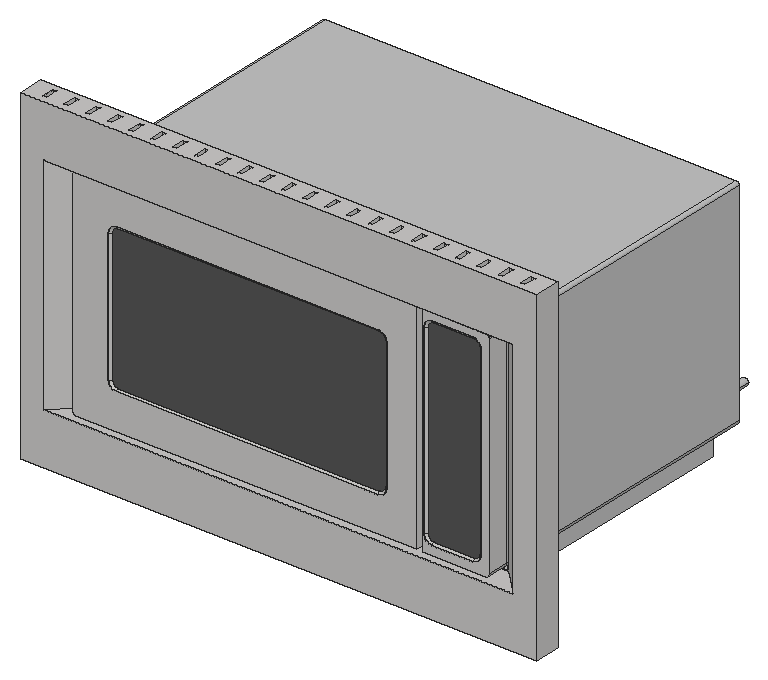
Revit family "FP_Revit_18_MO-24SS-3Y_Microwave_w_30in_Trimkit_90000929A", category Specialty Equipment, Revit 2018
Family settings
  Round Connector Dimension = Use Diameter
  Part Type = Normal
  OmniClass Number = 23.40.40.14.17.31
  OmniClass Title = Small Specialized Cooking Equipment
  Work Plane-Based = No
  Always vertical = Yes
  Cut with Voids When Loaded = Yes
  Shared = No
  Room Calculation Point = No
Parameters
  Visibility - Clearance Required = yes
  URL = "www.fisherpaykel.com"
  Product - Width = 754 mm
  Product - Height = 479 mm
  Product - Depth = 490 mm
  Model = "MO-24SS-3Y + MOTTK-30SS"
  Material - Glass = Fisher & Paykel - Glass, Black
  Material - Front = Fisher & Paykel - Stainless Steel
  Material - Body = Fisher & Paykel - Grey
  Manufacturer = "Fisher & Paykel Appliances"
  FFL Offset [instance] = 860 mm
  Description = "MO-24SS-3Y Microwave + MOTTK-30SS Trimkit"
  Connector Description - Electrical = "120 V, 60 Hz, 15 A"
  Chassis - Width = 629 mm
  Chassis - Height = 395 mm
  Chassis - Depth = 452 mm
  Cavity - Width = 629 mm
  Cavity - Height = 432 mm
  Cavity - Depth = 508 mm
Reference planes
  plane 1 "Datum": y = 0
  plane 2: z = 0
  plane 3 "Center (Left/Right)": x = 0
  plane 4 "FFL Offset": z = 860
  plane 5 "Product - Depth": y = 452
  plane 6 "Cavity - Depth": y = 508
Forms (mm)
  Extrusion 1, void
    sketch origin (0, 0, 0) x (0, 1, 0) y (0, 0, 1)
      loop
        line (0, 1291.987) -> (0, 859.987) -> (508, 859.987) -> (508, 1291.987) -> (0, 1291.987)
    from -314.5 to 314.5
Text (mm)
  text "Due to ongoing product development, product details are subject to change without notice. \nPlease always refer to www.fisherpaykel.com for the most current product information. \n© Fisher & Paykel 2020" at (39.334, -111.952, 0), in view "Ref. Level (Plan)"
Dimensions and locks
  "FFL Offset": plane 4 "FFL Offset" to level
  "Cavity - Depth": plane 6 "Cavity - Depth" to plane 1 "Datum"
  "Chassis - Depth": plane 1 "Datum" to plane 5 "Product - Depth"
  "Cavity - Width": Extrusion 1 to Extrusion 1
  equal spacing: Extrusion 1, plane 3 "Center (Left/Right)", Extrusion 1
  nested 2 to nested 2 = 754 mm
  nested 1 to plane 5 "Product - Depth" = 485 mm
  locked: nested 1 to plane 4 "FFL Offset" at 59.145
  aligned and locked: level to plane 2
  aligned and locked: plane 1 "Datum" to nested 2
  aligned and locked: nested 2 to plane 4 "FFL Offset"
  aligned and locked: plane 6 "Cavity - Depth" to nested 2
  aligned and locked: Extrusion 1 sketch curve to nested 2  (x4)
Nested families
  nested 1: "FP_Revit_18_MO-24SS-3Y_Microwave_90000929A" at (0, -33, 888.62), type "FP_Revit_18_MO-24SS-3Y_Microwave_90000929A"
    with FFL Offset 8.3 mm
  nested 2: "FP_Revit_18_MOTTK-30SS_Trimkit_90001191A" at (0, 0, 860), type "FP_Revit_18_MOTTK-30SS_Trimkit_90001191A"
    with FFL Offset 0 mm
Connectors
  electrical at (289.33, 452, 957.16), driven by "Connector Description - Electrical"
    settings: on nested 1, index 3, voltage 120 V, apparent load 0 VA, apparent load phase1 0 VA, apparent load phase2 0 VA, apparent load phase3 0 VA, power factor 1, load classification "Other", number of poles 1, system type 30, power factor state 1, is connector primary yes, connector utility no, sub classification motor no, connector description "120 V, 60 Hz, 15 A"
Definition of nested family "FP_Revit_18_MO-24SS-3Y_Microwave_90000929A"
  Parameters (values of type "FP_Revit_18_MO-24SS-3Y_Microwave_90000929A")
    Visibility - Clearance Required = yes
    URL = "www.fisherpaykel.com"
    Product - Width = 609 mm  # constant formula
    Product - Height = 340 mm  # constant formula
    Product - Depth = 485 mm  # constant formula
    Model = "MO-24SS-3Y"
    Material - Glass = none
    Material - Front = none
    Material - Body = none
    Manufacturer = "Fisher & Paykel Appliances"
    FFL Offset [instance] = 860 mm
    Description = "24\" Microwave"
    Connector Note - Electrical = "120 V, 60 Hz, 15 A"
  Reference planes
    plane 1 "Datum": y = 0
    plane 2: z = 0
    plane 3 "Center (Left/Right)": x = 0
    plane 4 "Top": z = 1200
    plane 5 "Product LHS": x = -304.5
    plane 6 "Product RHS": x = 304.5
    plane 7 "Product - Depth": y = 485
    plane 8 "FFL Offset": z = 860
    plane 9 "Base": z = 882.225
  Forms (mm)
    Extrusion 1, solid, material <- "Material - Front"
      sketch origin (0, 0, 0) x (1, 0, 0) y (0, 0, 1)
        loop
          arc (-299.5, 1200) -> (-303.036, 1198.536) -> (-304.5, 1195) r 5
          line (-304.5, 1195) -> (-304.5, 887.225)
          arc (-304.5, 887.225) -> (-303.036, 883.689) -> (-299.5, 882.225) r 5
          line (-299.5, 882.225) -> (299.5, 882.225)
          arc (299.5, 882.225) -> (303.036, 883.689) -> (304.5, 887.225) r 5
          line (304.5, 887.225) -> (304.5, 1195)
          arc (304.5, 1195) -> (303.036, 1198.536) -> (299.5, 1200) r 5
          line (299.5, 1200) -> (-299.5, 1200)
        loop
          arc (-240.72, 1149.623) -> (-249.205, 1146.109) -> (-252.72, 1137.623) r 12
          line (-252.72, 1137.623) -> (-252.72, 945.723)
          arc (-252.72, 945.723) -> (-249.205, 937.238) -> (-240.72, 933.723) r 12
          line (-240.72, 933.723) -> (141.68, 933.723)
          arc (141.68, 933.723) -> (150.165, 937.238) -> (153.68, 945.723) r 12
          line (153.68, 945.723) -> (153.68, 1137.623)
          arc (153.68, 1137.623) -> (150.165, 1146.109) -> (141.68, 1149.623) r 12
          line (141.68, 1149.623) -> (-240.72, 1149.623)
        loop
          arc (220.29, 1188.422) -> (211.805, 1184.907) -> (208.29, 1176.422) r 12
          line (208.29, 1176.422) -> (208.29, 906.925)
          arc (208.29, 906.925) -> (211.805, 898.44) -> (220.29, 894.925) r 12
          line (220.29, 894.925) -> (279.63, 894.925)
          arc (279.63, 894.925) -> (288.115, 898.44) -> (291.63, 906.925) r 12
          line (291.63, 906.925) -> (291.63, 1176.422)
          arc (291.63, 1176.422) -> (288.115, 1184.907) -> (279.63, 1188.422) r 12
          line (279.63, 1188.422) -> (220.29, 1188.422)
      from -30.162 to 0
    Extrusion 2, void
      sketch origin (0, 0, 0) x (1, 0, 0) y (0, 1, 0)
        loop
          line (200.353, 30.162) -> (197.714, 0) -> (206.166, 0) -> (203.528, 30.162) -> (200.353, 30.162)
      from 860 to 1200
    Extrusion 3, solid, material <- "Material - Glass"
      sketch origin (0, 0, 0) x (1, 0, 0) y (0, 0, 1)
        loop
          arc (-240.72, 1149.623) -> (-249.205, 1146.109) -> (-252.72, 1137.623) r 12
          line (-252.72, 1137.623) -> (-252.72, 945.723)
          arc (-252.72, 945.723) -> (-249.205, 937.238) -> (-240.72, 933.723) r 12
          line (-240.72, 933.723) -> (141.68, 933.723)
          arc (141.68, 933.723) -> (150.165, 937.238) -> (153.68, 945.723) r 12
          line (153.68, 945.723) -> (153.68, 1137.623)
          arc (153.68, 1137.623) -> (150.165, 1146.109) -> (141.68, 1149.623) r 12
          line (141.68, 1149.623) -> (-240.72, 1149.623)
        loop
          line (278.84, 1188.422) -> (220.29, 1188.422)
          arc (220.29, 1188.422) -> (211.805, 1184.907) -> (208.29, 1176.422) r 12
          line (208.29, 1176.422) -> (208.29, 906.925)
          arc (208.29, 906.925) -> (211.805, 898.44) -> (220.29, 894.925) r 12
          line (220.29, 894.925) -> (278.84, 894.925)
          arc (278.84, 894.925) -> (287.325, 898.44) -> (290.84, 906.925) r 12
          line (290.84, 906.925) -> (290.84, 1176.422)
          arc (290.84, 1176.422) -> (287.325, 1184.907) -> (278.84, 1188.422) r 12
      from -30.162 to -3.175
    Extrusion 4, solid, material <- "Material - Body"
      sketch origin (0, 0, 0) x (1, 0, 0) y (0, 0, 1)
        loop
          arc (-299.5, 1200) -> (-303.036, 1198.536) -> (-304.5, 1195) r 5
          line (-304.5, 1195) -> (-304.5, 887.225)
          arc (-304.5, 887.225) -> (-303.036, 883.689) -> (-299.5, 882.225) r 5
          line (-299.5, 882.225) -> (299.5, 882.225)
          arc (299.5, 882.225) -> (303.036, 883.689) -> (304.5, 887.225) r 5
          line (304.5, 887.225) -> (304.5, 1195)
          arc (304.5, 1195) -> (303.036, 1198.536) -> (299.5, 1200) r 5
          line (299.5, 1200) -> (-299.5, 1200)
      from -455.232 to -30.162
    Extrusion 5, solid, material <- "Material - Body"
      sketch origin (0, 0, 0) x (1, 0, 0) y (0, 1, 0)
        loop
          circle (-265.42, 93.98) r 6.002
        loop
          circle (-265.42, 385.445) r 6
        loop
          circle (231.447, 93.98) r 6.002
        loop
          circle (231.447, 385.445) r 6
      from 860 to 865.8
    Extrusion 6, solid, material <- "Material - Body"
      sketch origin (0, 0, 0) x (1, 0, 0) y (0, 0, 1)
        loop
          line (96.984, 1120.391) -> (-211.264, 1120.391)
          arc (-211.264, 1120.391) -> (-212.678, 1119.805) -> (-213.264, 1118.391) r 2
          line (-213.264, 1118.391) -> (-213.264, 966.353)
          arc (-213.264, 966.353) -> (-212.678, 964.939) -> (-211.264, 964.353) r 2
          line (-211.264, 964.353) -> (96.984, 964.353)
          arc (96.984, 964.353) -> (98.398, 964.939) -> (98.984, 966.353) r 2
          line (98.984, 966.353) -> (98.984, 1118.391)
          arc (98.984, 1118.391) -> (98.398, 1119.805) -> (96.984, 1120.391) r 2
      from -485 to -455.232
    Extrusion 7, solid, material <- "Material - Body"
      sketch origin (0, 0, 0) x (1, 0, 0) y (0, 0, 1)
        loop
          circle (289.33, 920.24) r 5
      from -485 to -455.232
    Extrusion 8, solid, material <- "Material - Body"
      sketch origin (0, 0, 0) x (1, 0, 0) y (0, 1, 0)
        loop
          arc (-264.98, 403.987) -> (-278.402, 398.427) -> (-283.962, 385.005) r 18.982
          line (-283.962, 385.005) -> (-283.962, 94.438)
          arc (-283.962, 94.438) -> (-278.397, 81.003) -> (-264.962, 75.438) r 19
          line (-264.962, 75.438) -> (230.99, 75.438)
          arc (230.99, 75.438) -> (244.425, 81.003) -> (249.99, 94.438) r 19
          line (249.99, 94.438) -> (249.99, 384.987)
          arc (249.99, 384.987) -> (244.425, 398.422) -> (230.99, 403.987) r 19
          line (230.99, 403.987) -> (-264.98, 403.987)
      from 865.8 to 882.225
    Sweep 9, solid, material <- "Material - Body", detail levels fine
      path in 3D
        loop
          arc (230.99, 403.987, 865.8) -> (244.425, 398.422, 865.8) -> (249.99, 384.987, 865.8) r 19
          line (249.99, 384.987, 865.8) -> (249.99, 94.438, 865.8)
          arc (249.99, 94.438, 865.8) -> (244.425, 81.003, 865.8) -> (230.99, 75.438, 865.8) r 19
          line (230.99, 75.438, 865.8) -> (-264.962, 75.438, 865.8)
          arc (-264.962, 75.438, 865.8) -> (-278.397, 81.003, 865.8) -> (-283.962, 94.438, 865.8) r 19
          line (-283.962, 94.438, 865.8) -> (-283.962, 385.005, 865.8)
          arc (-283.962, 385.005, 865.8) -> (-278.402, 398.427, 865.8) -> (-264.98, 403.987, 865.8) r 18.982
          line (-264.98, 403.987, 865.8) -> (230.99, 403.987, 865.8)
      profile origin (-16.995, 403.987, 865.8) x (0, -1, 0) y (0, 0, -1)
        loop
          line (0, 0) -> (-16.383, -16.383) -> (0, -16.383) -> (0, 0)
    Sweep 10, solid, material <- "Material - Body", detail levels fine
      path in 3D
        loop
          arc (98.984, 485, 966.353) -> (98.398, 485, 964.939) -> (96.984, 485, 964.353) r 2
          line (96.984, 485, 964.353) -> (-211.264, 485, 964.353)
          arc (-211.264, 485, 964.353) -> (-212.678, 485, 964.939) -> (-213.264, 485, 966.353) r 2
          line (-213.264, 485, 966.353) -> (-213.264, 485, 1118.391)
          arc (-213.264, 485, 1118.391) -> (-212.678, 485, 1119.805) -> (-211.264, 485, 1120.391) r 2
          line (-211.264, 485, 1120.391) -> (96.984, 485, 1120.391)
          arc (96.984, 485, 1120.391) -> (98.398, 485, 1119.805) -> (98.984, 485, 1118.391) r 2
          line (98.984, 485, 1118.391) -> (98.984, 485, 966.353)
      profile origin (98.984, 485, 1042.372) x (1, 0, 0) y (0, 1, 0)
        loop
          line (0, 0) -> (0, -29.768) -> (29.768, -29.768) -> (0, 0)
    Extrusion 11, solid, material <- "Material - Body"
      sketch origin (0, 0, 0) x (0, 1, 0) y (0, 0, 1)
        loop
          line (455.232, 1161.122) -> (455.232, 1126.122) -> (485, 1126.122) -> (485, 1144.088) -> (472.394, 1144.088) -> (462.231, 1161.122) -> (455.232, 1161.122)
      from 198.54 to 223.54
    Extrusion 12, solid, material <- "Material - Body"
      sketch origin (0, 0, 0) x (1, 0, 0) y (0, 1, 0)
        loop
          circle (211.04, 463.813) r 4.95
      from 1021.1 to 1126.122
    Extrusion 13, void
      sketch origin (0, 0, 0) x (1, 0, 0) y (0, 1, 0)
        loop
          line (-304.5, 485) -> (-304.5, 0) -> (304.5, 0) -> (304.5, 485) -> (-304.5, 485)
      from 860 to 1200
    Sweep 14, solid, material <- "Material - Front", detail levels fine
      path in 3D
        loop
          arc (-252.72, 0, 1137.623) -> (-249.205, 0, 1146.109) -> (-240.72, 0, 1149.623) r 12
          line (-240.72, 0, 1149.623) -> (141.68, 0, 1149.623)
          arc (141.68, 0, 1149.623) -> (150.165, 0, 1146.109) -> (153.68, 0, 1137.623) r 12
          line (153.68, 0, 1137.623) -> (153.68, 0, 945.723)
          arc (153.68, 0, 945.723) -> (150.165, 0, 937.238) -> (141.68, 0, 933.723) r 12
          line (141.68, 0, 933.723) -> (-240.72, 0, 933.723)
          arc (-240.72, 0, 933.723) -> (-249.205, 0, 937.238) -> (-252.72, 0, 945.723) r 12
          line (-252.72, 0, 945.723) -> (-252.72, 0, 1137.623)
      profile origin (-252.72, 0, 1041.673) x (0, -1, 0) y (1, 0, 0)
        loop
          line (0, 0) -> (-3.175, 3.175) -> (-3.175, 0) -> (0, 0)
    Sweep 15, solid, material <- "Material - Front", detail levels fine
      path in 3D
        loop
          arc (208.29, 0, 1176.422) -> (211.805, 0, 1184.907) -> (220.29, 0, 1188.422) r 12
          line (220.29, 0, 1188.422) -> (279.63, 0, 1188.422)
          arc (279.63, 0, 1188.422) -> (288.115, 0, 1184.907) -> (291.63, 0, 1176.422) r 12
          line (291.63, 0, 1176.422) -> (291.63, 0, 906.925)
          arc (291.63, 0, 906.925) -> (288.115, 0, 898.44) -> (279.63, 0, 894.925) r 12
          line (279.63, 0, 894.925) -> (220.29, 0, 894.925)
          arc (220.29, 0, 894.925) -> (211.805, 0, 898.44) -> (208.29, 0, 906.925) r 12
          line (208.29, 0, 906.925) -> (208.29, 0, 1176.422)
      profile origin (208.29, 0, 1041.673) x (0, -1, 0) y (1, 0, 0)
        loop
          line (0, 0) -> (-3.175, 3.175) -> (-3.175, 0) -> (0, 0)
  Cuts and joins
    joined: Extrusion 6, Extrusion 8
    Extrusion 2 cuts Extrusion 1
  Lines and regions (mm)
    sketch lines
      curve 1: line (-264.98, 403.987, 865.8) -> (230.99, 403.987, 865.8)
      curve 2: arc (-264.98, 403.987, 865.8) -> (-278.402, 398.427, 865.8) -> (-283.962, 385.005, 865.8) r 18.982
      curve 3: line (-283.962, 94.438, 865.8) -> (-283.962, 385.005, 865.8)
      curve 4: arc (-283.962, 94.438, 865.8) -> (-278.397, 81.003, 865.8) -> (-264.962, 75.438, 865.8) r 19
      curve 5: line (230.99, 75.438, 865.8) -> (-264.962, 75.438, 865.8)
      curve 6: arc (230.99, 75.438, 865.8) -> (244.425, 81.003, 865.8) -> (249.99, 94.438, 865.8) r 19
      curve 7: line (249.99, 384.987, 865.8) -> (249.99, 94.438, 865.8)
      curve 8: arc (249.99, 384.987, 865.8) -> (244.425, 398.422, 865.8) -> (230.99, 403.987, 865.8) r 19
      curve 9: line (98.984, 485, 1118.391) -> (98.984, 485, 966.353)
      curve 10: line (96.984, 485, 964.353) -> (-211.264, 485, 964.353)
      curve 11: arc (96.984, 485, 964.353) -> (98.398, 485, 964.939) -> (98.984, 485, 966.353) r 2
      curve 12: arc (-213.264, 485, 966.353) -> (-212.678, 485, 964.939) -> (-211.264, 485, 964.353) r 2
      curve 13: line (-213.264, 485, 966.353) -> (-213.264, 485, 1118.391)
      curve 14: arc (-211.264, 485, 1120.391) -> (-212.678, 485, 1119.805) -> (-213.264, 485, 1118.391) r 2
      curve 15: line (-211.264, 485, 1120.391) -> (96.984, 485, 1120.391)
      curve 16: arc (98.984, 485, 1118.391) -> (98.398, 485, 1119.805) -> (96.984, 485, 1120.391) r 2
      curve 17: line (-252.72, 0, 945.723) -> (-252.72, 0, 1137.623)
      curve 18: arc (-240.72, 0, 1149.623) -> (-249.205, 0, 1146.109) -> (-252.72, 0, 1137.623) r 12
      curve 19: line (-240.72, 0, 1149.623) -> (141.68, 0, 1149.623)
      curve 20: arc (153.68, 0, 1137.623) -> (150.165, 0, 1146.109) -> (141.68, 0, 1149.623) r 12
      curve 21: line (153.68, 0, 1137.623) -> (153.68, 0, 945.723)
      curve 22: arc (141.68, 0, 933.723) -> (150.165, 0, 937.238) -> (153.68, 0, 945.723) r 12
      curve 23: line (141.68, 0, 933.723) -> (-240.72, 0, 933.723)
      curve 24: arc (-252.72, 0, 945.723) -> (-249.205, 0, 937.238) -> (-240.72, 0, 933.723) r 12
      curve 25: line (208.29, 0, 906.925) -> (208.29, 0, 1176.422)
      curve 26: arc (220.29, 0, 1188.422) -> (211.805, 0, 1184.907) -> (208.29, 0, 1176.422) r 12
      curve 27: line (220.29, 0, 1188.422) -> (279.63, 0, 1188.422)
      curve 28: arc (291.63, 0, 1176.422) -> (288.115, 0, 1184.907) -> (279.63, 0, 1188.422) r 12
      curve 29: line (291.63, 0, 1176.422) -> (291.63, 0, 906.925)
      curve 30: arc (279.63, 0, 894.925) -> (288.115, 0, 898.44) -> (291.63, 0, 906.925) r 12
      curve 31: line (279.63, 0, 894.925) -> (220.29, 0, 894.925)
      curve 32: arc (208.29, 0, 906.925) -> (211.805, 0, 898.44) -> (220.29, 0, 894.925) r 12
  Text (mm)
    text "Due to ongoing product development, product details are subject to change without notice. \nPlease always refer to www.fisherpaykel.com for the most current product information. \n© Fisher & Paykel 2020" at (41.04, -230.14, 0), in view "Ref. Level (Plan)"
  Dimensions and locks
    equal spacing: plane 5 "Product LHS", plane 3 "Center (Left/Right)", plane 6 "Product RHS"
    "Product - Width": plane 5 "Product LHS" to plane 6 "Product RHS"
    "Product - Depth": plane 1 "Datum" to plane 7 "Product - Depth"
    "FFL Offset": plane 8 "FFL Offset" to level
    locked: cut or joined group of Extrusion 6, Extrusion 8 to plane 8 "FFL Offset" at 104.353
    locked: plane 8 "FFL Offset" to cut or joined group of Extrusion 6, Extrusion 8 at 5.8
    locked: plane 8 "FFL Offset" to Extrusion 7 sketch curve at 60.24
    locked: Extrusion 12 to plane 8 "FFL Offset" at 161.1
    "Product - Height": plane 4 "Top" to plane 8 "FFL Offset"
    locked: plane 8 "FFL Offset" to plane 9 "Base" at 22.225
    locked: Extrusion 11 to plane 8 "FFL Offset" at 266.122
    plane 9 "Base" to cut or joined group of Extrusion 6, Extrusion 8 = 0 mm
    aligned and locked: level to plane 2
    aligned and locked: Extrusion 1 sketch curve to plane 5 "Product LHS"
    aligned and locked: plane 6 "Product RHS" to Extrusion 1 sketch curve
    aligned and locked: Extrusion 7 to plane 7 "Product - Depth"
    aligned and locked: Extrusion 5 to cut or joined group of Extrusion 6, Extrusion 8
    aligned and locked: Extrusion 1 sketch curve to plane 4 "Top"
    aligned and locked: Extrusion 1 sketch curve to plane 9 "Base"
    aligned and locked: plane 4 "Top" to Extrusion 2
    aligned and locked: Extrusion 5 to Extrusion 2
    aligned and locked: Extrusion 12 to Extrusion 11
    aligned and locked: Extrusion 5 to plane 8 "FFL Offset"
    aligned and locked: Extrusion 4 sketch curve to plane 9 "Base"
    aligned and locked: Extrusion 8 to Extrusion 4
    aligned and locked: Extrusion 3 sketch curve to cut or joined group of Extrusion 1, Extrusion 2
    aligned and locked: cut or joined group of Extrusion 1, Extrusion 2 to Extrusion 3 sketch curve
    aligned and locked: plane 4 "Top" to Extrusion 13
    aligned and locked: Extrusion 13 to Extrusion 5
    aligned and locked: Sweep 14 sketch curve to Extrusion 3
    aligned and locked: Extrusion 3 to Sweep 15 sketch curve
  Automatic sketch dimensions
    plane 1 "Datum" to Extrusion 2 sketch curve = 0 mm
    plane 6 "Product RHS" to Extrusion 2 sketch curve = 106.786 mm
    Extrusion 2 sketch curve to plane 1 "Datum" = 30.162 mm
    Extrusion 2 sketch curve to Extrusion 2 sketch curve = 2.639 mm
    Extrusion 2 sketch curve to Extrusion 2 sketch curve = 3.175 mm
    Extrusion 2 sketch curve to Extrusion 2 sketch curve = 8.453 mm
    Extrusion 8 sketch curve to plane 5 "Product LHS" = 20.538 mm
    Extrusion 8 sketch curve to Extrusion 8 sketch curve = 18.982 mm
    Extrusion 8 sketch curve to Extrusion 8 sketch curve = 19 mm  (x2)
    plane 6 "Product RHS" to Extrusion 8 sketch curve = 73.51 mm  (x2)
    Extrusion 8 sketch curve to plane 1 "Datum" = 75.438 mm
    Extrusion 8 sketch curve to plane 7 "Product - Depth" = 100.013 mm
    Extrusion 5 sketch curve to plane 5 "Product LHS" = 39.08 mm  (x2)
    plane 6 "Product RHS" to Extrusion 5 sketch curve = 73.053 mm  (x2)
    Extrusion 5 sketch curve to plane 1 "Datum" = 93.98 mm  (x2)
    Extrusion 5 sketch curve to plane 7 "Product - Depth" = 99.555 mm  (x2)
    Extrusion 6 sketch curve to plane 5 "Product LHS" = 91.236 mm
    Extrusion 6 sketch curve to Extrusion 6 sketch curve = 2 mm  (x3)
    plane 3 "Center (Left/Right)" to Extrusion 6 sketch curve = 96.984 mm  (x2)
    level to Extrusion 6 sketch curve = 964.353 mm
    Extrusion 6 sketch curve to plane 4 "Top" = 81.609 mm
    Sweep 9 sketch curve to profile plane = 0 mm
    profile plane to Sweep 9 sketch curve = 0 mm
    profile plane to Sweep 9 sketch curve = 16.383 mm
    Sweep 9 sketch curve to profile plane = 16.383 mm
    Sweep 10 sketch curve to profile plane = 0 mm
    profile plane to Sweep 10 sketch curve = 0 mm
    profile plane to Sweep 10 sketch curve = 29.768 mm  (x2)
    Extrusion 11 sketch curve to plane 7 "Product - Depth" = 0 mm
    Extrusion 11 sketch curve to Extrusion 11 sketch curve = 12.606 mm
    Extrusion 11 sketch curve to Extrusion 11 sketch curve = 10.162 mm
    Extrusion 11 sketch curve to Extrusion 11 sketch curve = 7 mm
    Extrusion 11 sketch curve to plane 4 "Top" = 73.878 mm
    Extrusion 11 sketch curve to Extrusion 11 sketch curve = 17.966 mm
    Extrusion 11 sketch curve to Extrusion 11 sketch curve = 17.034 mm
    Extrusion 12 sketch curve to plane 7 "Product - Depth" = 21.187 mm
    plane 6 "Product RHS" to Extrusion 12 sketch curve = 93.46 mm
    plane 6 "Product RHS" to Extrusion 7 sketch curve = 15.17 mm
    plane 1 "Datum" to Extrusion 13 sketch curve = 0 mm
    Extrusion 13 sketch curve to plane 5 "Product LHS" = 0 mm
    Extrusion 13 sketch curve to plane 6 "Product RHS" = 0 mm
    Extrusion 13 sketch curve to plane 7 "Product - Depth" = 0 mm
    Extrusion 1 sketch curve to plane 5 "Product LHS" = 5 mm  (x2)
    Extrusion 1 sketch curve to plane 5 "Product LHS" = 51.78 mm
    Extrusion 1 sketch curve to Extrusion 1 sketch curve = 12 mm  (x5)
    Extrusion 1 sketch curve to plane 4 "Top" = 50.377 mm
    plane 3 "Center (Left/Right)" to Extrusion 1 sketch curve = 141.68 mm  (x2)
    Extrusion 1 sketch curve to plane 4 "Top" = 23.578 mm
    Extrusion 1 sketch curve to Extrusion 1 sketch curve = 54.61 mm
    Extrusion 1 sketch curve to plane 4 "Top" = 11.578 mm
    Extrusion 1 sketch curve to plane 9 "Base" = 12.7 mm
    plane 6 "Product RHS" to Extrusion 1 sketch curve = 24.87 mm  (x2)
    plane 6 "Product RHS" to Extrusion 1 sketch curve = 5 mm  (x2)
    Extrusion 1 sketch curve to plane 9 "Base" = 51.498 mm
    plane 5 "Product LHS" to Extrusion 4 sketch curve = 0 mm
    Extrusion 4 sketch curve to plane 4 "Top" = 0 mm
    plane 6 "Product RHS" to Extrusion 4 sketch curve = 0 mm
    Extrusion 4 sketch curve to plane 5 "Product LHS" = 5 mm  (x2)
    Extrusion 4 sketch curve to Extrusion 4 sketch curve = 5 mm
    plane 6 "Product RHS" to Extrusion 4 sketch curve = 5 mm
    Extrusion 3 sketch curve to plane 5 "Product LHS" = 51.78 mm
    Extrusion 3 sketch curve to Extrusion 3 sketch curve = 12 mm  (x5)
    Extrusion 3 sketch curve to plane 9 "Base" = 63.498 mm
    plane 3 "Center (Left/Right)" to Extrusion 3 sketch curve = 141.68 mm
    Extrusion 3 sketch curve to plane 4 "Top" = 23.578 mm
    Extrusion 3 sketch curve to Extrusion 3 sketch curve = 54.61 mm
    Extrusion 3 sketch curve to plane 4 "Top" = 11.578 mm
    plane 6 "Product RHS" to Extrusion 3 sketch curve = 25.66 mm  (x2)
    Extrusion 3 sketch curve to plane 4 "Top" = 62.377 mm
    Sweep 14 sketch curve to profile plane = 0 mm  (x2)
    profile plane to Sweep 14 sketch curve = 3.175 mm
    Sweep 15 sketch curve to profile plane = 0 mm  (x2)
    profile plane to Sweep 15 sketch curve = 3.175 mm
    radius of Extrusion 7 sketch curve = 5 mm
    radius of Extrusion 5 sketch curve = 6.002 mm  (x2)
    radius of Extrusion 5 sketch curve = 6 mm  (x2)
    radius of Extrusion 12 sketch curve = 4.95 mm
  Connectors
    electrical at (289.33, 485, 920.24), driven by "Connector Note - Electrical"
      settings: on Extrusion 7, index 1, voltage 120 V, apparent load 0 VA, apparent load phase1 0 VA, apparent load phase2 0 VA, apparent load phase3 0 VA, power factor 1, load classification none, number of poles 1, system type 30, power factor state 1, is connector primary yes, connector utility no, sub classification motor no, connector description "120 V, 60 Hz, 15 A"
Definition of nested family "FP_Revit_18_MOTTK-30SS_Trimkit_90001191A"
  Parameters (values of type "FP_Revit_18_MOTTK-30SS_Trimkit_90001191A")
    Visibility - Clearance Required = yes
    URL = "www.fisherpaykel.com"
    Product - Width = 754 mm  # constant formula
    Product - Height = 479 mm  # constant formula
    Product - Depth = 469 mm  # constant formula
    Model = "CMOTTK-30SS"
    Material - Trim = none
    Material - Body = none
    Manufacturer = "Fisher & Paykel Appliances"
    FFL Offset [instance] = 860 mm
    Description = "Microwave Trim Kit"
    Cavity - Width = 629 mm  # constant formula
    Cavity - Height = 432 mm  # constant formula
    Cavity - Depth = 508 mm  # constant formula
  Reference planes
    plane 1 "Datum": y = 0
    plane 2: z = 0
    plane 3 "Center (Left/Right)": x = 0
    plane 4 "Product LHS": x = -377
    plane 5 "Product RHS": x = 377
    plane 6 "Product - Depth": y = 508
    plane 7 "Trim": z = 838.287
    plane 8 "Top": z = 1317.287
    plane 9 "Base": z = 860
  Forms (mm)
    Extrusion 1, solid, material <- "Material - Body"
      sketch origin (0, 0, 0) x (1, 0, 0) y (0, 0, 1)
        loop
          line (-261.259, 896.92) -> (-261.259, 859.987) -> (261.27, 859.987) -> (261.27, 896.92) -> (-261.259, 896.92)
      from -428.879 to -9.525
    Extrusion 2, solid, material <- "Material - Trim"
      sketch origin (0, 0, 0) x (1, 0, 0) y (0, 0, 1)
        loop
          line (-377, 1317.287) -> (-377, 838.287) -> (377, 838.287) -> (377, 1317.287) -> (-377, 1317.287)
      from 0 to 38.1
    Extrusion 3, solid, material <- "Material - Body"
      sketch origin (0, 0, 0) x (1, 0, 0) y (0, 0, 1)
        loop
          line (-304.699, 1241.487) -> (-304.699, 914.487) -> (304.698, 914.487) -> (304.698, 1241.487) -> (-304.699, 1241.487)
        loop
          line (-314.5, 859.987) -> (314.5, 859.987) -> (314.5, 1254.513) -> (-314.5, 1254.513) -> (-314.5, 859.987)
      from -9.525 to 0
    Extrusion 4, void
      sketch origin (0, 0, 0) x (1, 0, 0) y (0, 1, 0)
        loop
          line (-342.796, -38.1) -> (342.796, -38.1) -> (304.696, 0) -> (-304.696, 0) -> (-342.796, -38.1)
      from 914.487 to 1241.487
    Extrusion 5, void
      sketch origin (0, 0, 0) x (1, 0, 0) y (0, 1, 0)
        loop
          line (-352.425, -9.525) -> (-352.425, -28.575) -> (-346.075, -28.575) -> (-346.075, -9.525) -> (-352.425, -9.525)
        loop
          line (-320.675, -9.525) -> (-320.675, -28.575) -> (-314.325, -28.575) -> (-314.325, -9.525) -> (-320.675, -9.525)
        loop
          line (-288.925, -9.525) -> (-288.925, -28.575) -> (-282.575, -28.575) -> (-282.575, -9.525) -> (-288.925, -9.525)
        loop
          line (-257.175, -9.525) -> (-257.175, -28.575) -> (-250.825, -28.575) -> (-250.825, -9.525) -> (-257.175, -9.525)
        loop
          line (-225.425, -9.525) -> (-225.425, -28.575) -> (-219.075, -28.575) -> (-219.075, -9.525) -> (-225.425, -9.525)
        loop
          line (-193.675, -9.525) -> (-193.675, -28.575) -> (-187.325, -28.575) -> (-187.325, -9.525) -> (-193.675, -9.525)
        loop
          line (-161.925, -9.525) -> (-161.925, -28.575) -> (-155.575, -28.575) -> (-155.575, -9.525) -> (-161.925, -9.525)
        loop
          line (-130.175, -9.525) -> (-130.175, -28.575) -> (-123.825, -28.575) -> (-123.825, -9.525) -> (-130.175, -9.525)
        loop
          line (-98.425, -9.525) -> (-98.425, -28.575) -> (-92.075, -28.575) -> (-92.075, -9.525) -> (-98.425, -9.525)
        loop
          line (-66.675, -9.525) -> (-66.675, -28.575) -> (-60.325, -28.575) -> (-60.325, -9.525) -> (-66.675, -9.525)
        loop
          line (-34.925, -9.525) -> (-34.925, -28.575) -> (-28.575, -28.575) -> (-28.575, -9.525) -> (-34.925, -9.525)
        loop
          line (-3.175, -9.525) -> (-3.175, -28.575) -> (3.175, -28.575) -> (3.175, -9.525) -> (-3.175, -9.525)
        loop
          line (352.425, -9.525) -> (346.075, -9.525) -> (346.075, -28.575) -> (352.425, -28.575) -> (352.425, -9.525)
        loop
          line (320.675, -9.525) -> (314.325, -9.525) -> (314.325, -28.575) -> (320.675, -28.575) -> (320.675, -9.525)
        loop
          line (288.925, -9.525) -> (282.575, -9.525) -> (282.575, -28.575) -> (288.925, -28.575) -> (288.925, -9.525)
        loop
          line (257.175, -9.525) -> (250.825, -9.525) -> (250.825, -28.575) -> (257.175, -28.575) -> (257.175, -9.525)
        loop
          line (225.425, -9.525) -> (219.075, -9.525) -> (219.075, -28.575) -> (225.425, -28.575) -> (225.425, -9.525)
        loop
          line (193.675, -9.525) -> (187.325, -9.525) -> (187.325, -28.575) -> (193.675, -28.575) -> (193.675, -9.525)
        loop
          line (161.925, -9.525) -> (155.575, -9.525) -> (155.575, -28.575) -> (161.925, -28.575) -> (161.925, -9.525)
        loop
          line (130.175, -9.525) -> (123.825, -9.525) -> (123.825, -28.575) -> (130.175, -28.575) -> (130.175, -9.525)
        loop
          line (98.425, -9.525) -> (92.075, -9.525) -> (92.075, -28.575) -> (98.425, -28.575) -> (98.425, -9.525)
        loop
          line (66.675, -9.525) -> (60.325, -9.525) -> (60.325, -28.575) -> (66.675, -28.575) -> (66.675, -9.525)
        loop
          line (34.925, -9.525) -> (28.575, -9.525) -> (28.575, -28.575) -> (34.925, -28.575) -> (34.925, -9.525)
      from 1288.287 to 1317.287
    Extrusion 6, solid, visible <- "Visibility - Clearance Required", detail levels coarse
      sketch origin (0, 0, 0) x (1, 0, 0) y (0, 1, 0)
        loop
          line (-314.5, 508) -> (-314.5, 0) -> (314.5, 0) -> (314.5, 508) -> (-314.5, 508)
      from 859.987 to 1291.987
    Extrusion 7, void
      sketch origin (0, 0, 0) x (1, 0, 0) y (0, 1, 0)
        loop
          line (-314.325, 508) -> (-314.325, 0) -> (314.325, 0) -> (314.325, 508) -> (-314.325, 508)
      from 859.987 to 1291.987
    Extrusion 8, solid, material <- "Material - Body"
      sketch origin (0, 0, 0) x (1, 0, 0) y (0, 0, 1)
        loop
          line (-209.376, 859.987) -> (209.09, 859.987) -> (209.09, 917.399)
          arc (209.09, 917.399) -> (207.332, 921.641) -> (203.09, 923.399) r 6
          line (203.09, 923.399) -> (-203.376, 923.399)
          arc (-203.376, 923.399) -> (-207.618, 921.641) -> (-209.376, 917.399) r 6
          line (-209.376, 917.399) -> (-209.376, 859.987)
      from -430.9 to -428.879
  Cuts and joins
    Extrusion 4, Extrusion 5 cuts Extrusion 2
    Extrusion 4 cuts Extrusion 3
  Text (mm)
    text "Due to ongoing product development, product details are subject to change without notice. \nPlease always refer to www.fisherpaykel.com for the most current product information. \n© Fisher & Paykel 2020" at (41.04, -308.809, 0), in view "Ref. Level (Plan)"
  Dimensions and locks
    equal spacing: plane 4 "Product LHS", plane 3 "Center (Left/Right)", plane 5 "Product RHS"
    "Product - Width": plane 4 "Product LHS" to plane 5 "Product RHS"
    locked: cut or joined group of Extrusion 2, Extrusion 4, Extrusion 5 to plane 1 "Datum" at 38.1
    "Cavity - Depth": plane 1 "Datum" to plane 6 "Product - Depth"
    equal spacing: Extrusion 6, plane 3 "Center (Left/Right)", Extrusion 6
    "Cavity - Width": Extrusion 6 to Extrusion 6
    "Product - Depth": cut or joined group of Extrusion 2, Extrusion 4, Extrusion 5 to Extrusion 8
    "Product - Height": plane 8 "Top" to plane 7 "Trim"
    locked: cut or joined group of Extrusion 2, Extrusion 4, Extrusion 5 to plane 7 "Trim" at 76.2
    locked: cut or joined group of Extrusion 2, Extrusion 4, Extrusion 5 to plane 7 "Trim" at 403.2
    locked: Extrusion 1 to plane 7 "Trim" at 58.632
    locked: Extrusion 6 to plane 7 "Trim" at 453.7
    locked: plane 8 "Top" to cut or joined group of Extrusion 2, Extrusion 4, Extrusion 5 at 29
    locked: plane 7 "Trim" to Extrusion 3 sketch curve at 416.225
    locked: Extrusion 8 sketch curve to plane 7 "Trim" at 85.111
    locked: plane 9 "Base" to plane 7 "Trim" at 21.713
    "Cavity - Height": plane 9 "Base" to Extrusion 6
    "FFL Offset": plane 9 "Base" to level
    aligned and locked: level to plane 2
    aligned and locked: Extrusion 2 sketch curve to plane 4 "Product LHS"
    aligned and locked: Extrusion 7 to cut or joined group of Extrusion 2, Extrusion 4, Extrusion 5
    aligned and locked: cut or joined group of Extrusion 2, Extrusion 4, Extrusion 5 to Extrusion 7
    aligned and locked: Extrusion 2 sketch curve to plane 8 "Top"
    aligned and locked: plane 7 "Trim" to Extrusion 2 sketch curve
    aligned and locked: Extrusion 2 to Extrusion 5
    aligned and locked: Extrusion 3 sketch curve to cut or joined group of Extrusion 2, Extrusion 4, Extrusion 5  (x2)
    aligned and locked: Extrusion 3 sketch curve to Extrusion 1
    aligned and locked: Extrusion 1 to Extrusion 8 sketch curve
    aligned and locked: Extrusion 6 to Extrusion 1
    aligned and locked: cut or joined group of Extrusion 3, Extrusion 4 to Extrusion 1
    aligned and locked: plane 9 "Base" to Extrusion 1
    aligned and locked: Extrusion 7 to Extrusion 6
    aligned and locked: Extrusion 7 to Extrusion 1
  Automatic sketch dimensions
    level to Extrusion 1 sketch curve = 859.987 mm
    Extrusion 1 sketch curve to plane 4 "Product LHS" = 115.741 mm
    plane 5 "Product RHS" to Extrusion 1 sketch curve = 115.73 mm
    Extrusion 1 sketch curve to Extrusion 1 sketch curve = 36.932 mm
    plane 1 "Datum" to Extrusion 4 sketch curve = 0 mm
    Extrusion 4 sketch curve to plane 4 "Product LHS" = 34.204 mm
    Extrusion 4 sketch curve to Extrusion 4 sketch curve = 38.1 mm
    plane 5 "Product RHS" to Extrusion 4 sketch curve = 72.304 mm
    plane 5 "Product RHS" to Extrusion 4 sketch curve = 34.204 mm
    plane 1 "Datum" to Extrusion 4 sketch curve = 38.1 mm
    Extrusion 5 sketch curve to plane 4 "Product LHS" = 24.575 mm
    Extrusion 5 sketch curve to Extrusion 5 sketch curve = 6.35 mm  (x22)
    plane 1 "Datum" to Extrusion 5 sketch curve = 9.525 mm  (x23)
    Extrusion 5 sketch curve to Extrusion 5 sketch curve = 25.4 mm  (x21)
    Extrusion 5 sketch curve to plane 3 "Center (Left/Right)" = 3.175 mm
    plane 3 "Center (Left/Right)" to Extrusion 5 sketch curve = 3.175 mm
    Extrusion 5 sketch curve to Extrusion 5 sketch curve = 19.05 mm  (x12)
    Extrusion 5 sketch curve to Extrusion 5 sketch curve = 0 mm  (x11)
    plane 1 "Datum" to Extrusion 6 sketch curve = 0 mm
    Extrusion 6 sketch curve to plane 6 "Product - Depth" = 0 mm
    Extrusion 6 sketch curve to plane 4 "Product LHS" = 62.5 mm
    plane 5 "Product RHS" to Extrusion 6 sketch curve = 62.5 mm
    plane 1 "Datum" to Extrusion 7 sketch curve = 0 mm
    Extrusion 7 sketch curve to plane 6 "Product - Depth" = 0 mm
    plane 5 "Product RHS" to Extrusion 7 sketch curve = 691.325 mm
    Extrusion 7 sketch curve to Extrusion 7 sketch curve = 628.65 mm
    plane 5 "Product RHS" to Extrusion 2 sketch curve = 0 mm
    Extrusion 3 sketch curve to plane 4 "Product LHS" = 62.5 mm
    Extrusion 3 sketch curve to Extrusion 3 sketch curve = 9.801 mm
    plane 5 "Product RHS" to Extrusion 3 sketch curve = 72.302 mm
    Extrusion 3 sketch curve to Extrusion 3 sketch curve = 9.802 mm
    Extrusion 8 sketch curve to plane 4 "Product LHS" = 167.624 mm
    Extrusion 8 sketch curve to Extrusion 8 sketch curve = 6 mm
    plane 7 "Trim" to Extrusion 8 sketch curve = 79.111 mm
    plane 5 "Product RHS" to Extrusion 8 sketch curve = 173.91 mm
